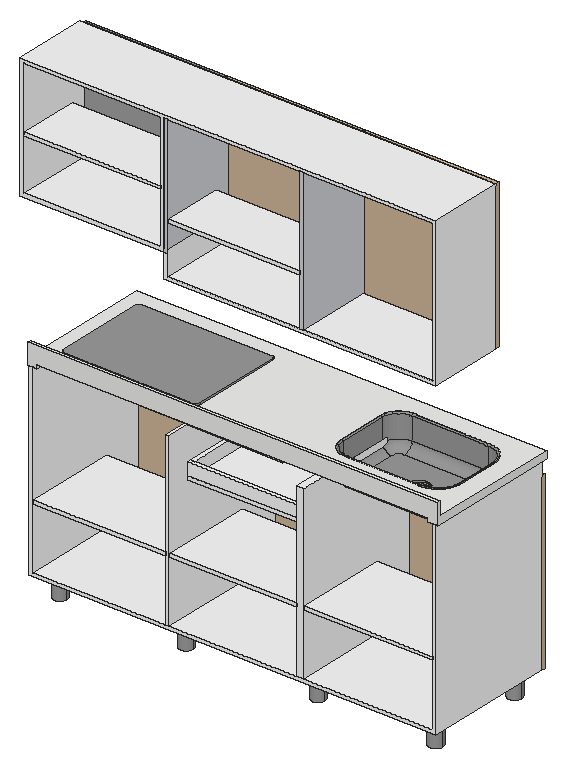
Revit family "O22401711 Cocina Soho derecha", category Generic Models, host Wall, Revit 2019
Family settings
  Host = Wall
  Can host rebar = No
  Round Connector Dimension = Use Diameter
  Part Type = Normal
  OmniClass Number = 23.21.23.23.13
  OmniClass Title = Residential Food Cookers
  Always vertical = Yes
  Cut with Voids When Loaded = No
  Shared = No
  Room Calculation Point = No
Parameters (values of type "Type 1")
  URL = "https://corona.co/productos/muebles-para-cocinas/cocina-soho/p/O22411711"
  Resistencia a la humedad = "Hinchamiento < o =8%."  # constant formula
  Profundidad mueble inferior = 595 mm
  Peso Neto aproximado mueble superior = "41,29 kg."  # constant formula
  Peso Neto aproximado mueble inferior = "63 kg."  # constant formula
  Material puertas B = Corona_Madera_Aglomerada_Plomo
  Material puertas A = Corona_Madera_Aglomerada_Miel
  Material mueble superior = Corona_Madera_Blanco
  Material mueble inferior = Corona_Madera_Blanco
  Material meson = Corona_Cuarzo_Natural
  Material Patas = Corona_Acero inoxidable
  Garantía de madera = "1 año"  # constant formula
  Garantía de Herrajes = "1 año"  # constant formula
  Garantia Mesón = "10 años"  # constant formula
  Dimensiones generales mueble rior (H*W*L). = "650 x 345 x 1800 mm."  # constant formula
  Dimensiones generales del mueble inferior (H*W*L) = "920x 1800x 600mm."  # constant formula
  Description = "Esta cocina de diseño contemporáneo está disponible en color miel, contrastado con detalles en gris plomo. Sus puertas lisas (sin manijas expuestas) aportan limpieza y continuidad al diseño, haciendo que la cocina sea más amigable con el usuario. Esta cocina entrega una solución completa al incluir en su mueble inferior un mesón en CoronaStone® con lavaplatos y cubierta con 4 fogones integrados, además de accesorios como vajillero y cubertero para hacer más cómodo el almacenamiento.En todo el mueble, los cantos o recubrimiento de bordes, cuentan con mayor espesor y rigidez al estándar del mercado, brindando un acabado estético superior y mayor protección a posibles filtraciones de humedad.Disfruta de su máximo almacenamiento y comodidad de uso, y de nuestros muebles altamente resistentes. ¡Una solución integral de fácil instalación!"  # constant formula
  Date Created = "17/07/2020"  # constant formula
  Created by = "IDD"  # constant formula
  Carga máxima mueble inferior = "73 kg."  # constant formula
  Carga máxima Mueble Superior = "42 kg."  # constant formula
  Carga máxima Campana = "25 kg."  # constant formula
  Ancho mueble inferior = 1760 mm
  Alto = 2119.5 mm
Reference planes
  plane 1 "Wall": y = 0
  plane 2 "Center (Left/Right)": x = 125
  plane 3 "Back": y = 75
  plane 4: y = 670
  plane 5: x = -779.5
  plane 6: x = 1010.5
  plane 7: y = 655
  plane 8: x = 419.5
  plane 9: x = -186.5
  plane 10: z = 94
  plane 11: z = 919.5
  plane 12: z = 109
  plane 13: z = 904.5
  plane 14: z = 1469.5
  plane 15: z = 1589.5
  plane 16: z = 2119.5
  plane 17: z = 904.5
  plane 18: y = 420
  plane 19: y = 405
  plane 20: x = -804.5
  plane 21: x = 995.5
  plane 22: x = 134.5
  plane 23: x = 129
  plane 24: x = 1010.5
  plane 25: x = 995.5
  plane 26: x = -764.5
  plane 27: x = -201.5
  plane 28: z = 1484.5
  plane 29: z = 2104.5
  plane 30: z = 1575
  plane 31: x = -819.5
  plane 32: x = -201.5
  plane 33: x = 426
  plane 34: x = 123
  plane 35: x = -164.81
  plane 36: x = 396
  plane 37: x = -195
  plane 38: z = 382
  plane 39: z = 397
  plane 40: y = 475
  plane 41: z = 784.5
  plane 42: z = 949.5
  plane 43: z = 859
Forms (mm)
  Extrusion 1, solid, material "Corona_Madera_Blanco" <- "Material mueble superior", detail levels medium+fine
    sketch origin (0, 0, 0) x (1, 0, 0) y (0, 1, 0)
      loop
        line (1010.5, 405) -> (419.5, 405) -> (419.5, 75) -> (1010.5, 75) -> (1010.5, 405)
    from 1469.5 to 2119.5
  Extrusion 2, solid, material "Corona_Madera_Blanco" <- "Material mueble superior", detail levels medium+fine
    sketch origin (0, 0, 0) x (1, 0, 0) y (0, 1, 0)
      loop
        line (419.5, 405) -> (-186.5, 405) -> (-186.5, 75) -> (419.5, 75) -> (419.5, 405)
    from 1469.5 to 2119.5
  Extrusion 3, solid, material "Corona_Madera_Blanco" <- "Material mueble superior", detail levels medium+fine
    sketch origin (0, 0, 0) x (1, 0, 0) y (0, 1, 0)
      loop
        line (-201.5, 405) -> (-819.5, 405) -> (-819.5, 75) -> (-201.5, 75) -> (-201.5, 405)
    from 1575 to 2119.5
  Extrusion 4, void, detail levels medium+fine
    sketch origin (0, 0, 0) x (1, 0, 0) y (0, 0, 1)
      loop
        line (-804.5, 2104.5) -> (-804.5, 1589.5) -> (-171.5, 1589.5) -> (-171.5, 1484.5) -> (995.5, 1484.5) -> (995.5, 2104.5) -> (-804.5, 2104.5)
    from -420 to -75
  Extrusion 5, solid, material "Corona_Madera_Blanco" <- "Material mueble inferior", detail levels medium+fine
    sketch origin (0, 0, 0) x (1, 0, 0) y (0, 1, 0)
      loop
        line (1010.5, 75) -> (1010.5, 655) -> (-779.5, 655) -> (-779.5, 75) -> (1010.5, 75)
    from 94 to 919.5
  Extrusion 6, void, detail levels medium+fine
    sketch origin (0, 0, 0) x (1, 0, 0) y (0, 0, 1)
      loop
        line (995.5, 919.5) -> (-764.5, 919.5) -> (-764.5, 109) -> (995.5, 109) -> (995.5, 919.5)
    from -655 to -75
  Extrusion 7, solid, material "Corona_Madera_Aglomerada_Miel" <- "Material puertas A", detail levels medium+fine
    sketch origin (0, 0, 0) x (1, 0, 0) y (0, 0, 1)
      loop
        line (1010.5, 2119.5) -> (419.5, 2119.5) -> (419.5, 1469.5) -> (1010.5, 1469.5) -> (1010.5, 2119.5)
    from -420 to -405
  Extrusion 8, solid, material "Corona_Madera_Aglomerada_Miel" <- "Material puertas A", detail levels medium+fine
    sketch origin (-535.2, 0, -15.2) x (1, 0, 0) y (0, 0, 1)
      loop
        line (954.7, 2134.7) -> (348.7, 2134.7) -> (348.7, 1484.7) -> (954.7, 1484.7) -> (954.7, 2134.7)
    from -420 to -405
  Extrusion 9, solid, material "Corona_Madera_Aglomerada_Plomo" <- "Material puertas B", detail levels medium+fine
    sketch origin (-890.4, 0, -30.4) x (1, 0, 0) y (0, 0, 1)
      loop
        line (703.9, 2149.9) -> (85.9, 2149.9) -> (85.9, 1605.4) -> (703.9, 1605.4) -> (703.9, 2149.9)
    from -420 to -405
  Extrusion 10, solid, material "Corona_Madera_Aglomerada_Miel" <- "Material puertas A", detail levels medium+fine
    sketch origin (-15, 0, 0) x (1, 0, 0) y (0, 0, 1)
      loop
        line (1025.5, 94) -> (1025.5, 859) -> (425.801, 859) -> (425.801, 94) -> (1025.5, 94)
    from -670 to -655
  Extrusion 11, solid, material "Corona_Madera_Aglomerada_Miel" <- "Material puertas A", detail levels medium+fine
    sketch origin (15.095, 0, 0) x (1, 0, 0) y (0, 0, 1)
      loop
        line (-794.595, 94) -> (-195, 94) -> (-195, 859) -> (-794.595, 859) -> (-794.595, 94)
    from -670 to -655
  Extrusion 12, solid, material "Corona_Madera_Aglomerada_Miel" <- "Material puertas A", detail levels medium+fine
    sketch origin (0, 0, 0) x (1, 0, 0) y (0, 0, 1)
      loop
        line (396, 94) -> (396, 575.75) -> (-164.81, 575.75) -> (-164.81, 94) -> (396, 94)
    from -670 to -655
  Extrusion 13, solid, material "Corona_Madera_Blanco" <- "Material mueble inferior", detail levels medium+fine
    sketch origin (0, 0, 0) x (1, 0, 0) y (0, 0, 1)
      loop
        line (995.5, 397) -> (426, 397) -> (426, 382) -> (995.5, 382) -> (995.5, 397)
    from -475 to -75
  Extrusion 14, solid, material "Corona_Madera_Aglomerada_Miel" <- "Material puertas A", detail levels medium+fine
    sketch origin (14.597, 0, 208.75) x (1, 0, 0) y (0, 0, 1)
      loop
        line (381.403, 378.499) -> (381.403, 650.25) -> (-179.407, 650.25) -> (-179.407, 378.499) -> (381.403, 378.499)
    from -670 to -655
  Extrusion 15, solid, material "Corona_Madera_Blanco" <- "Material mueble inferior", detail levels medium+fine
    sketch origin (-15.2, 0, 264.8) x (1, 0, 0) y (0, 0, 1)
      loop
        line (403.7, 397) -> (-142.3, 397) -> (-142.3, 382) -> (403.7, 382) -> (403.7, 397)
    from -655 to -171.895
  Extrusion 16, solid, material "Corona_Madera_Blanco" <- "Material mueble inferior", detail levels medium+fine
    sketch origin (-20.4, 0, 289.6) x (1, 0, 0) y (0, 0, 1)
      loop
        line (408.9, 372.2) -> (408.9, 427.2) -> (-137.1, 427.2) -> (-137.1, 372.2) -> (408.9, 372.2)
    from -186.9 to -171.895
  Extrusion 17, solid, material "Corona_Madera_Blanco" <- "Material mueble inferior", detail levels medium+fine
    sketch origin (-10.859, 0, 279.8) x (1, 0, 0) y (0, 0, 1)
      loop
        line (-131.641, 437) -> (-146.641, 437) -> (-146.641, 382) -> (-131.641, 382) -> (-131.641, 437)
    from -655 to -186.9
  Extrusion 18, solid, material "Corona_Madera_Blanco" <- "Material mueble superior", detail levels medium+fine
    sketch origin (125, 0, 0) x (0, 1, 0) y (0, 0, 1)
      loop
        line (75, 1832.5) -> (75, 1817.5) -> (340, 1817.5) -> (340, 1832.5) -> (75, 1832.5)
    from -926.5 to -326.5
  Extrusion 19, solid, material "Corona_Madera_Blanco" <- "Material mueble superior", detail levels medium+fine
    sketch origin (700, 0, -121.5) x (0, 1, 0) y (0, 0, 1)
      loop
        line (75, 1832.5) -> (75, 1817.5) -> (340, 1817.5) -> (340, 1832.5) -> (75, 1832.5)
    from -871.5 to -288
  Extrusion 20, solid, material "Corona_Madera_Aglomerada_Plomo" <- "Material puertas B", detail levels medium+fine
    sketch origin (0, 0, 95.2) x (1, 0, 0) y (0, 0, 1)
      loop
        line (-764.5, 763.8) -> (995.5, 763.8) -> (995.5, 824.3) -> (-764.5, 824.3) -> (-764.5, 763.8)
    from -650 to -640
  Extrusion 21, solid, material "Corona_Madera_Blanco" <- "Material mueble inferior", detail levels coarse
    sketch origin (0, 0, 0) x (1, 0, 0) y (0, 0, 1)
      loop
        line (-779.5, 94) -> (1010.5, 94) -> (1010.5, 919.5) -> (-779.5, 919.5) -> (-779.5, 94)
    from -670 to -75
  Extrusion 22, solid, material "Corona_Madera_Blanco" <- "Material mueble superior", detail levels coarse
    sketch origin (0, 0, 0) x (1, 0, 0) y (0, 0, 1)
      loop
        line (1010.5, 2119.5) -> (-819.5, 2119.5) -> (-819.5, 1575) -> (-186.5, 1575) -> (-186.5, 1469.5) -> (1010.5, 1469.5) -> (1010.5, 2119.5)
    from -420 to -75
  Extrusion 23, solid, material "Corona_Acero inoxidable" <- "Material Patas"
    sketch origin (0, 0, 0) x (1, 0, 0) y (0, 1, 0)
      loop
        circle (-706.801, 586.444) r 30
      loop
        circle (-150.361, 586.444) r 30
      loop
        circle (429.449, 586.444) r 30
      loop
        circle (946.324, 586.444) r 30
      loop
        circle (-706.801, 153.556) r 30
      loop
        circle (-150.361, 153.556) r 30
      loop
        circle (429.449, 153.556) r 30
      loop
        circle (946.324, 153.556) r 30
    from 0 to 94
  Extrusion 24, solid
    sketch origin (0, 0, 0) x (1, 0, 0) y (0, 0, 1)
      loop
        line (-171.5, 1575) -> (-171.5, 2104.5) -> (-186.5, 2104.5) -> (-186.5, 1575) -> (-171.5, 1575)
    from -405 to -75
  Extrusion 25, solid, material "Corona_Madera_Blanco" <- "Material mueble inferior", detail levels medium+fine
    sketch origin (520.141, 0, 279.8) x (1, 0, 0) y (0, 0, 1)
      loop
        line (-131.641, 437) -> (-146.641, 437) -> (-146.641, 382) -> (-131.641, 382) -> (-131.641, 437)
    from -655 to -186.9
  Extrusion 26, solid, material "Corona_Madera_Blanco" <- "Material mueble inferior", detail levels medium+fine
    sketch origin (0, 0, 0) x (1, 0, 0) y (0, 1, 0)
      loop
        line (-179.905, 655) -> (-179.905, 75) -> (-164.81, 75) -> (-164.81, 655) -> (-179.905, 655)
      loop
        line (426, 655) -> (396, 655) -> (396, 75) -> (426, 75) -> (426, 655)
    from 109 to 859
  Extrusion 27, solid, material "Corona_Madera_Aglomerada_Plomo" <- "Material puertas B", detail levels medium+fine
    sketch origin (0, 0, -163.35) x (1, 0, 0) y (0, 0, 1)
      loop
        line (-764.5, 689.3) -> (995.5, 689.3) -> (995.5, 809.8) -> (-764.5, 809.8) -> (-764.5, 689.3)
    from -650 to -640
  Extrusion 28, solid
    sketch origin (0, 0, 0) x (1, 0, 0) y (0, 0, 1)
      loop
        line (412, 1484.5) -> (427, 1484.5) -> (427, 2104.5) -> (412, 2104.5) -> (412, 1484.5)
    from -405 to -75
  Extrusion 29, solid, material "Corona_Madera_Blanco" <- "Material mueble superior", detail levels medium+fine
    sketch origin (-396, 0, 0) x (-1, 0, 0) y (0, 0, -1)
      loop
        line (-194.5, -1575) -> (-209.5, -1575) -> (-209.5, -2119.5) -> (-194.5, -2119.5) -> (-194.5, -1575)
    from -405 to -75
  Extrusion 30, solid, material "Corona_Madera_Blanco" <- "Material mueble inferior", detail levels medium+fine
    sketch origin (-599.5, 0, 0) x (1, 0, 0) y (0, 0, 1)
      loop
        line (995.5, 397) -> (434.69, 397) -> (434.69, 382) -> (995.5, 382) -> (995.5, 397)
    from -475 to -75
  Extrusion 31, solid, material "Corona_Madera_Blanco" <- "Material mueble inferior", detail levels medium+fine
    sketch origin (-1190.5, 0, 0) x (1, 0, 0) y (0, 0, 1)
      loop
        line (1010.595, 397) -> (426, 397) -> (426, 382) -> (1010.595, 382) -> (1010.595, 397)
    from -475 to -75
Cuts and joins
  Extrusion 4 cuts Extrusion 1
  Extrusion 4 cuts Extrusion 2
  Extrusion 4 cuts Extrusion 3
  joined: Extrusion 1, Extrusion 2, Extrusion 3, Extrusion 29
  Extrusion 6 cuts Extrusion 5
Text (mm)
  text "Placement Side" at (-1805.532, 2405.08, 0), in view "Ref. Level"
  text "Placement side" at (0, 1409.804, 2854.306), in view "Left"
  text "Placement side" at (0, 499.811, 2980.732), in view "Right"
Dimensions and locks
  locked: plane 3 "Back" to host wall
  "Profundidad mueble inferior": plane 3 "Back" to plane 4
  plane 7 to plane 3 "Back" = 580 mm  (x2)
  plane 20 to plane 9 = 618 mm
  plane 8 to plane 21 = 576 mm
  plane 9 to plane 23 = 315.5 mm
  plane 22 to plane 8 = 285 mm
  level to plane 10 = 94 mm
  level to plane 11 = 919.5 mm
  plane 42 to plane 14 = 520 mm
  plane 14 to plane 15 = 120 mm
  plane 14 to plane 16 = 650 mm
  plane 12 to plane 17 = 795.5 mm
  plane 3 "Back" to plane 18 = 345 mm
  plane 19 to plane 3 "Back" = 330 mm
  plane 26 to plane 21 = 1760 mm
  plane 20 to plane 5 = 25 mm
  plane 21 to plane 6 = 15 mm  (x2)
  plane 25 to plane 24 = 15 mm
  plane 26 to plane 27 = 563 mm
  plane 29 to plane 16 = 15 mm
  plane 14 to plane 28 = 15 mm
  plane 30 to plane 15 = 14.5 mm
  plane 18 to host wall = 345 mm
  plane 19 to host wall = 330 mm
  plane 4 to plane 3 "Back" = 595 mm
  plane 24 to plane 8 = 591 mm
  plane 8 to plane 9 = 606 mm
  plane 20 to plane 31 = 15 mm
  plane 27 to plane 20 = 603 mm
  plane 12 to plane 38 = 273 mm
  plane 38 to plane 39 = 15 mm
  plane 40 to cut or joined group of Extrusion 5, Extrusion 6 = 400 mm
  plane 39 to plane 41 = 387.5 mm
  Extrusion 21 sketch curve to Extrusion 21 sketch curve = 825.5 mm
  plane 6 to plane 33 = 584.5 mm
  plane 36 to plane 35 = 560.81 mm
  plane 5 to plane 26 = 15 mm
  plane 13 to plane 12 = 795.5 mm
  plane 10 to plane 43 = 765 mm
  "Alto": level to plane 16
  aligned and locked: plane 1 "Wall" to host wall
  aligned and locked: plane 24 to Extrusion 1 sketch curve
  aligned and locked: Extrusion 1 sketch curve to host wall
  aligned and locked: Extrusion 1 sketch curve to plane 8
  aligned and locked: plane 16 to Extrusion 1
  aligned and locked: Extrusion 1 to plane 14
  aligned and locked: plane 8 to Extrusion 2 sketch curve
  aligned and locked: Extrusion 2 sketch curve to host wall
  aligned and locked: plane 27 to Extrusion 3 sketch curve
  aligned and locked: Extrusion 3 sketch curve to host wall
  aligned and locked: plane 16 to Extrusion 3
  aligned and locked: Extrusion 4 sketch curve to plane 29
  aligned and locked: plane 20 to Extrusion 4 sketch curve
  aligned and locked: plane 19 to Extrusion 3
  aligned and locked: plane 19 to Extrusion 1
  aligned and locked: Extrusion 3 to plane 31
  aligned and locked: host wall to Extrusion 5 sketch curve
  aligned and locked: Extrusion 5 sketch curve to plane 6
  aligned and locked: Extrusion 5 to plane 10
  aligned and locked: plane 21 to Extrusion 6 sketch curve
  aligned and locked: Extrusion 6 sketch curve to plane 12
  aligned and locked: Extrusion 6 sketch curve to plane 26
  aligned and locked: plane 7 to Extrusion 5
  aligned and locked: Extrusion 7 sketch curve to plane 14
  aligned and locked: plane 16 to Extrusion 7 sketch curve
  aligned and locked: plane 16 to Extrusion 8
  aligned and locked: Extrusion 8 to plane 14
  aligned and locked: plane 16 to Extrusion 9
  aligned and locked: Extrusion 10 sketch curve to plane 10
  aligned and locked: cut or joined group of Extrusion 5, Extrusion 6 to Extrusion 11 sketch curve
  aligned and locked: plane 4 to Extrusion 12
  aligned and locked: Extrusion 12 to plane 7
  aligned and locked: Extrusion 12 to plane 10
  aligned and locked: plane 39 to Extrusion 13 sketch curve
  aligned and locked: plane 21 to Extrusion 13 sketch curve
  aligned and locked: Extrusion 13 sketch curve to plane 38
  aligned and locked: Extrusion 14 to Extrusion 10
  aligned and locked: plane 21 to Extrusion 20
  aligned and locked: Extrusion 20 to Extrusion 10
  aligned and locked: Extrusion 20 to plane 26
  aligned and locked: Extrusion 21 sketch curve to plane 10
  aligned and locked: plane 6 to Extrusion 21 sketch curve
  aligned and locked: Extrusion 22 sketch curve to cut or joined group of Extrusion 1, Extrusion 2, Extrusion 3, Extrusion 4, Extrusion 29  (x2)
  aligned and locked: Extrusion 23 to cut or joined group of Extrusion 5, Extrusion 6
  aligned and locked: Extrusion 23 to level
  aligned and locked: Extrusion 2 to plane 9
  aligned and locked: Extrusion 24 sketch curve to cut or joined group of Extrusion 1, Extrusion 2, Extrusion 3, Extrusion 4, Extrusion 29
  aligned and locked: cut or joined group of Extrusion 1, Extrusion 2, Extrusion 3, Extrusion 4, Extrusion 29 to Extrusion 24
  aligned and locked: Extrusion 24 to host wall
  aligned and locked: plane 8 to Extrusion 8
  aligned and locked: Extrusion 12 to plane 35
  aligned and locked: plane 36 to Extrusion 12
  aligned and locked: plane 36 to Extrusion 14
  aligned and locked: Extrusion 14 to plane 35
  aligned and locked: Extrusion 26 sketch curve to Extrusion 10
  aligned and locked: Extrusion 26 sketch curve to plane 36
  aligned and locked: Extrusion 10 to cut or joined group of Extrusion 5, Extrusion 6
  aligned and locked: cut or joined group of Extrusion 5, Extrusion 6 to Extrusion 11
  aligned and locked: cut or joined group of Extrusion 1, Extrusion 2, Extrusion 3, Extrusion 4, Extrusion 29 to Extrusion 28
  aligned and locked: Extrusion 28 to host wall
  aligned and locked: host wall to Extrusion 26 sketch curve
  aligned and locked: Extrusion 26 sketch curve to host wall
  aligned and locked: plane 11 to Extrusion 21
  aligned and locked: plane 11 to Extrusion 6
  aligned and locked: Extrusion 5 to Extrusion 6
  aligned and locked: Extrusion 31 to plane 26
  aligned and locked: Extrusion 11 to Extrusion 31
  aligned and locked: Extrusion 30 to plane 35
  aligned and locked: plane 36 to Extrusion 30
  aligned and locked: Extrusion 13 to plane 33
Automatic sketch dimensions
  Extrusion 1 sketch curve to plane 19 = 0 mm
  Extrusion 2 sketch curve to plane 9 = 0 mm
  Extrusion 2 sketch curve to plane 19 = 0 mm
  Extrusion 3 sketch curve to plane 19 = 0 mm
  Extrusion 3 sketch curve to plane 31 = 0 mm
  Extrusion 4 sketch curve to plane 28 = 0 mm
  Extrusion 4 sketch curve to plane 15 = 0 mm
  Extrusion 4 sketch curve to plane 21 = 0 mm
  Extrusion 4 sketch curve to plane 35 = 6.69 mm
  Extrusion 5 sketch curve to plane 5 = 0 mm
  Extrusion 5 sketch curve to plane 7 = 0 mm
  Extrusion 6 sketch curve to plane 11 = 0 mm
  Extrusion 7 sketch curve to plane 8 = 0 mm
  Extrusion 7 sketch curve to plane 6 = 0 mm
  Extrusion 8 sketch curve to plane 9 = 0 mm
  Extrusion 8 sketch curve to plane 8 = 0 mm
  Extrusion 8 sketch curve to plane 14 = 0 mm
  Extrusion 8 sketch curve to plane 16 = 0 mm
  Extrusion 9 sketch curve to plane 16 = 0 mm
  Extrusion 9 sketch curve to plane 20 = 0 mm
  Extrusion 9 sketch curve to plane 9 = 0 mm
  Extrusion 9 sketch curve to plane 30 = 0 mm
  Extrusion 10 sketch curve to plane 43 = 0 mm
  Extrusion 10 sketch curve to plane 6 = 0 mm
  Extrusion 10 sketch curve to plane 8 = 8.699 mm
  Extrusion 11 sketch curve to plane 5 = 0 mm
  Extrusion 11 sketch curve to plane 43 = 0 mm
  plane 9 to Extrusion 11 sketch curve = 6.595 mm
  Extrusion 12 sketch curve to plane 10 = 0 mm
  Extrusion 12 sketch curve to plane 35 = 0 mm
  Extrusion 12 sketch curve to plane 36 = 0 mm
  plane 39 to Extrusion 12 sketch curve = 178.75 mm
  Extrusion 13 sketch curve to plane 33 = 0 mm
  Extrusion 14 sketch curve to plane 35 = 0 mm
  Extrusion 14 sketch curve to plane 36 = 0 mm
  Extrusion 14 sketch curve to plane 43 = 0 mm
  plane 39 to Extrusion 14 sketch curve = 190.249 mm
  plane 35 to Extrusion 15 sketch curve = 7.31 mm
  Extrusion 15 sketch curve to plane 36 = 7.5 mm
  Extrusion 15 sketch curve to plane 41 = 137.7 mm
  Extrusion 15 sketch curve to Extrusion 15 sketch curve = 15 mm
  plane 35 to Extrusion 16 sketch curve = 7.31 mm
  Extrusion 16 sketch curve to plane 36 = 7.5 mm
  Extrusion 16 sketch curve to plane 41 = 122.7 mm
  Extrusion 16 sketch curve to Extrusion 16 sketch curve = 55 mm
  plane 35 to Extrusion 17 sketch curve = 7.31 mm
  Extrusion 17 sketch curve to Extrusion 17 sketch curve = 15 mm
  Extrusion 17 sketch curve to plane 41 = 122.7 mm
  Extrusion 17 sketch curve to Extrusion 17 sketch curve = 55 mm
  Extrusion 18 sketch curve to host wall = 0 mm
  Extrusion 18 sketch curve to plane 19 = 65 mm
  plane 15 to Extrusion 18 sketch curve = 228 mm
  Extrusion 18 sketch curve to Extrusion 18 sketch curve = 15 mm
  Extrusion 19 sketch curve to host wall = 0 mm
  Extrusion 19 sketch curve to plane 19 = 65 mm
  plane 15 to Extrusion 19 sketch curve = 106.5 mm
  Extrusion 19 sketch curve to Extrusion 19 sketch curve = 15 mm
  Extrusion 20 sketch curve to plane 11 = 0 mm
  Extrusion 20 sketch curve to plane 26 = 0 mm
  Extrusion 20 sketch curve to plane 21 = 0 mm
  Extrusion 20 sketch curve to plane 43 = 0 mm
  Extrusion 21 sketch curve to plane 5 = 0 mm
  Extrusion 22 sketch curve to plane 31 = 0 mm
  Extrusion 22 sketch curve to plane 9 = 0 mm
  Extrusion 22 sketch curve to plane 14 = 0 mm
  Extrusion 22 sketch curve to plane 30 = 0 mm
  plane 26 to Extrusion 23 sketch curve = 57.699 mm  (x2)
  plane 35 to Extrusion 23 sketch curve = 14.449 mm  (x2)
  plane 33 to Extrusion 23 sketch curve = 3.449 mm  (x2)
  Extrusion 23 sketch curve to plane 21 = 49.176 mm  (x2)
  host wall to Extrusion 23 sketch curve = 78.556 mm  (x4)
  Extrusion 23 sketch curve to plane 7 = 68.556 mm  (x4)
  Extrusion 24 sketch curve to plane 29 = 0 mm
  Extrusion 24 sketch curve to plane 30 = 0 mm
  Extrusion 24 sketch curve to plane 35 = 6.69 mm
  Extrusion 25 sketch curve to plane 36 = 7.5 mm
  Extrusion 25 sketch curve to plane 36 = 22.5 mm
  Extrusion 25 sketch curve to plane 41 = 122.7 mm
  Extrusion 25 sketch curve to Extrusion 25 sketch curve = 55 mm
  plane 37 to Extrusion 26 sketch curve = 15.095 mm
  Extrusion 26 sketch curve to plane 35 = 0 mm
  Extrusion 26 sketch curve to plane 7 = 0 mm
  Extrusion 27 sketch curve to plane 26 = 0 mm
  Extrusion 27 sketch curve to plane 21 = 0 mm
  plane 39 to Extrusion 27 sketch curve = 128.95 mm
  Extrusion 27 sketch curve to Extrusion 27 sketch curve = 120.5 mm
  Extrusion 28 sketch curve to plane 29 = 0 mm
  Extrusion 28 sketch curve to plane 28 = 0 mm
  Extrusion 28 sketch curve to plane 8 = 7.5 mm
  plane 33 to Extrusion 28 sketch curve = 1 mm
  Extrusion 29 sketch curve to plane 9 = 0 mm
  Extrusion 29 sketch curve to plane 16 = 0 mm
  Extrusion 29 sketch curve to plane 27 = 0 mm
  Extrusion 29 sketch curve to plane 30 = 0 mm
  Extrusion 30 sketch curve to plane 39 = 0 mm
  Extrusion 30 sketch curve to plane 38 = 0 mm
  Extrusion 30 sketch curve to plane 36 = 0 mm
  Extrusion 30 sketch curve to plane 35 = 0 mm
  Extrusion 31 sketch curve to plane 26 = 0 mm
  plane 37 to Extrusion 31 sketch curve = 15.095 mm
  Extrusion 31 sketch curve to plane 38 = 0 mm
  Extrusion 31 sketch curve to plane 39 = 0 mm
  Extrusion 26 sketch curve to plane 33 = 0 mm
  radius of Extrusion 23 sketch curve = 30 mm  (x8)
Nested families
  nested 1: "Mesón coronastone" at (115.5, 75, 919.5) x (-1, 0, 0) z (0, 0, 1), type "Mesón coronastone"
  nested 2: "Family4" at (115.5, 75, 0) x (-1, 0, 0) z (0, 0, 1), type "Family4"
  nested 3: "Family6" at (118, 420, 0), type "Family6"
  nested 4: "Family7" at (125, 75, 1469.5) x (0, -1, 0) z (1, 0, 0), type "Family7"
  nested 5: "Family8" at (125, 75, 94) x (0, -1, 0) z (1, 0, 0), type "Family8"
  nested 6: "Family9" at (115.5, 0, 0) x (1, 0, 0) z (0, -1, 0), type "Family9"
  nested 7: "Family10" at (-204.5, 0, 1469.5) x (-1, 0, 0) z (0, -1, 0), type "Family10"
Definition of nested family "Mesón coronastone"
  Parameters (values of type "Mesón coronastone")
    Profundidad = 600 mm
    Material Mesón = none
    Material Lavaplatos = none
    Material Cubierta = none
    Date Created = "15/07/2020"  # constant formula
    Created by = "IDD"  # constant formula
    Ancho = 1800 mm
    Alto = 150 mm
  Reference planes
    plane 1 "Center (Front/Back)": y = 0
    plane 2: z = 0
    plane 3 "Center (Left/Right)": x = 0
    plane 4: x = -900
    plane 5: x = 900
    plane 6: y = -600
    plane 7: z = 30
    plane 8: y = -15
    plane 9: z = 90
    plane 10: y = -102
    plane 11: y = -520
    plane 12: x = 252
    plane 13: x = 820
    plane 14: y = -141
    plane 15: y = -77
    plane 16: z = -120
    plane 17: x = -812
    plane 18: x = -298
    plane 19: x = -555
    plane 20: x = -521.466
    plane 21: y = -328.73
    plane 22: y = -560.2
  Forms (mm)
    Extrusion 1, solid, material <- "Material Mesón", detail levels medium+fine
      sketch origin (0, 0, 0) x (1, 0, 0) y (0, 1, 0)
        loop
          line (-900, 0) -> (-900, -600) -> (900, -600) -> (900, 0) -> (-900, 0)
        loop
          circle (-555, -77) r 17.5
        loop
          arc (804.982, -520) -> (815.601, -515.601) -> (820, -504.982) r 15.018
          line (820, -504.982) -> (820, -117.027)
          arc (820, -117.027) -> (815.599, -106.401) -> (804.973, -102) r 15.027
          line (804.973, -102) -> (267.028, -102)
          arc (267.028, -102) -> (256.402, -106.402) -> (252, -117.028) r 15.028
          line (252, -117.028) -> (252, -504.963)
          arc (252, -504.963) -> (256.404, -515.596) -> (267.037, -520) r 15.037
          line (267.037, -520) -> (804.982, -520)
        loop
          line (-380.172, -141) -> (-713.328, -141)
          arc (-713.328, -141) -> (-783.1, -169.9) -> (-812, -239.672) r 98.672
          line (-812, -239.672) -> (-812, -421.478)
          arc (-812, -421.478) -> (-783.144, -491.144) -> (-713.478, -520) r 98.522
          line (-713.478, -520) -> (-380.167, -520)
          arc (-380.167, -520) -> (-322.066, -495.934) -> (-298, -437.833) r 82.167
          line (-298, -437.833) -> (-298, -223.172)
          arc (-298, -223.172) -> (-322.068, -165.068) -> (-380.172, -141) r 82.172
      from 15 to 30
    Extrusion 2, solid, material <- "Material Mesón", detail levels medium+fine
      sketch origin (0, 0, 0) x (1, 0, 0) y (0, 1, 0)
        loop
          line (-900, 0) -> (-900, -15) -> (900, -15) -> (900, 0) -> (-900, 0)
      from 30 to 90
    Sweep 3, solid, material <- "Material Lavaplatos", detail levels medium+fine
      path origin (-54.284, 0, 0) x (1, 0, 0) y (0, 1, 0)
        loop
          line (-325.888, -141) -> (-659.043, -141)
          arc (-659.043, -141) -> (-728.815, -169.9) -> (-757.716, -239.672) r 98.672
          line (-757.716, -239.672) -> (-757.716, -421.478)
          arc (-757.716, -421.478) -> (-728.859, -491.144) -> (-659.193, -520) r 98.522
          line (-659.193, -520) -> (-325.883, -520)
          arc (-325.883, -520) -> (-267.782, -495.934) -> (-243.716, -437.833) r 82.167
          line (-243.716, -437.833) -> (-243.716, -223.172)
          arc (-243.716, -223.172) -> (-267.783, -165.068) -> (-325.888, -141) r 82.172
      profile origin (-546.75, -141, 0) x (0, -1, 0) y (0, 0, 1)
        loop
          line (5.241, 23.624) -> (5.241, -72.642)
          arc (5.241, -72.642) -> (18.364, -101.497) -> (46.516, -116.067) r 48.459
          line (46.516, -116.067) -> (46.516, -112.628)
          arc (46.516, -112.628) -> (20.712, -99.032) -> (8.641, -72.48) r 45.059
          line (8.641, -72.48) -> (8.641, 24.296)
          arc (8.641, 24.296) -> (5.267, 28.581) -> (0, 30) r 8.662
          line (0, 30) -> (0, 26.591)
          arc (0, 26.591) -> (3.087, 25.931) -> (5.241, 23.624) r 5.262
    Extrusion 4, solid, material <- "Material Lavaplatos", detail levels medium+fine
      sketch origin (-54.284, 0, 0) x (1, 0, 0) y (0, 1, 0)
        loop
          arc (-659.043, -187.516) -> (-695.924, -202.792) -> (-711.2, -239.672) r 52.157
          line (-711.2, -239.672) -> (-711.2, -421.478)
          arc (-711.2, -421.478) -> (-695.968, -458.252) -> (-659.193, -473.484) r 52.007
          line (-659.193, -473.484) -> (-325.883, -473.484)
          arc (-325.883, -473.484) -> (-300.673, -463.042) -> (-290.231, -437.833) r 35.652
          line (-290.231, -437.833) -> (-290.231, -223.172)
          arc (-290.231, -223.172) -> (-300.675, -197.959) -> (-325.888, -187.516) r 35.657
          line (-325.888, -187.516) -> (-659.043, -187.516)
        loop
          circle (-500.716, -328.803) r 44.25
      from -116.067 to -112.628
    Extrusion 5, void, not visible
      sketch origin (0, 0, 0) x (1, 0, 0) y (0, 1, 0)
        loop
          line (-361.173, -137.455) -> (-681.758, -137.455)
          arc (-681.758, -137.455) -> (-751.53, -166.356) -> (-780.43, -236.128) r 98.672
          line (-780.43, -236.128) -> (-780.43, -421.478)
          arc (-780.43, -421.478) -> (-751.574, -491.144) -> (-681.908, -520) r 98.522
          line (-681.908, -520) -> (-361.168, -520)
          arc (-361.168, -520) -> (-303.067, -495.934) -> (-279.001, -437.833) r 82.167
          line (-279.001, -437.833) -> (-279.001, -219.628)
          arc (-279.001, -219.628) -> (-303.069, -161.523) -> (-361.173, -137.455) r 82.172
      from -11.938 to 52.655
    Sweep 6, solid, not visible
      path origin (0, 0, 0) x (1, 0, 0) y (0, 1, 0)
        loop
          line (-361.173, -137.455) -> (-681.758, -137.455)
          arc (-681.758, -137.455) -> (-751.53, -166.356) -> (-780.43, -236.128) r 98.672
          line (-780.43, -236.128) -> (-780.43, -421.478)
          arc (-780.43, -421.478) -> (-751.574, -491.144) -> (-681.908, -520) r 98.522
          line (-681.908, -520) -> (-361.168, -520)
          arc (-361.168, -520) -> (-303.067, -495.934) -> (-279.001, -437.833) r 82.167
          line (-279.001, -437.833) -> (-279.001, -219.628)
          arc (-279.001, -219.628) -> (-303.069, -161.523) -> (-361.173, -137.455) r 82.172
      profile origin (-521.466, -137.455, 0) x (0, -1, 0) y (0, 0, 1)
        loop
          line (5.241, 23.624) -> (5.241, -72.642)
          arc (5.241, -72.642) -> (18.364, -101.497) -> (46.516, -116.067) r 48.459
          line (46.516, -116.067) -> (46.516, -112.628)
          arc (46.516, -112.628) -> (20.712, -99.032) -> (8.641, -72.48) r 45.059
          line (8.641, -72.48) -> (8.641, 24.296)
          arc (8.641, 24.296) -> (5.267, 28.581) -> (0, 30) r 8.662
          line (0, 30) -> (0, 26.591)
          arc (0, 26.591) -> (3.087, 25.931) -> (5.241, 23.624) r 5.262
    Extrusion 7, solid, not visible
      sketch origin (0, 0, 0) x (1, 0, 0) y (0, 1, 0)
        loop
          arc (-681.758, -183.971) -> (-718.638, -199.247) -> (-733.915, -236.128) r 52.157
          line (-733.915, -236.128) -> (-733.915, -421.478)
          arc (-733.915, -421.478) -> (-718.682, -458.252) -> (-681.908, -473.484) r 52.007
          line (-681.908, -473.484) -> (-361.168, -473.484)
          arc (-361.168, -473.484) -> (-335.959, -463.042) -> (-325.516, -437.833) r 35.652
          line (-325.516, -437.833) -> (-325.516, -219.628)
          arc (-325.516, -219.628) -> (-335.96, -194.414) -> (-361.173, -183.971) r 35.657
          line (-361.173, -183.971) -> (-681.758, -183.971)
        loop
          circle (-521.466, -328.803) r 44.25
      from -116.067 to -112.628
    Extrusion 8, solid, material <- "Material Cubierta", detail levels medium+fine
      sketch origin (13.951, -6, 0) x (1, 0, 0) y (0, 1, 0)
        loop
          arc (235.028, -90) -> (224.402, -94.402) -> (220, -105.028) r 15.028
          line (220, -105.028) -> (220, -504.963)
          arc (220, -504.963) -> (224.404, -515.596) -> (235.037, -520) r 15.037
          line (235.037, -520) -> (804.982, -520)
          arc (804.982, -520) -> (815.601, -515.601) -> (820, -504.982) r 15.018
          line (820, -504.982) -> (820, -105.027)
          arc (820, -105.027) -> (815.599, -94.401) -> (804.973, -90) r 15.027
          line (804.973, -90) -> (235.028, -90)
      from 30 to 35
    Sweep 9, solid, material <- "Material Mesón", not visible, detail levels medium+fine
      path origin (-36.811, 0, 0) x (1, 0, 0) y (0, 1, 0)
        loop
          line (-325.888, -141) -> (-659.043, -141)
          arc (-659.043, -141) -> (-728.815, -169.9) -> (-757.716, -239.672) r 98.672
          line (-757.716, -239.672) -> (-757.716, -421.478)
          arc (-757.716, -421.478) -> (-728.859, -491.144) -> (-659.193, -520) r 98.522
          line (-659.193, -520) -> (-325.883, -520)
          arc (-325.883, -520) -> (-267.782, -495.934) -> (-243.716, -437.833) r 82.167
          line (-243.716, -437.833) -> (-243.716, -223.172)
          arc (-243.716, -223.172) -> (-267.783, -165.068) -> (-325.888, -141) r 82.172
      profile origin (-529.277, -141, 0) x (0, -1, 0) y (0, 0, 1)
        loop
          line (5.241, 23.624) -> (5.241, -72.642)
          arc (5.241, -72.642) -> (18.364, -101.497) -> (46.516, -116.067) r 48.459
          line (46.516, -116.067) -> (46.516, -112.628)
          arc (46.516, -112.628) -> (20.712, -99.032) -> (8.641, -72.48) r 45.059
          line (8.641, -72.48) -> (8.641, 24.296)
          arc (8.641, 24.296) -> (5.267, 28.581) -> (0, 30) r 8.662
          line (0, 30) -> (0, 26.591)
          arc (0, 26.591) -> (3.087, 25.931) -> (5.241, 23.624) r 5.262
    Extrusion 10, solid, material <- "Material Mesón", not visible, detail levels medium+fine
      sketch origin (-36.811, 0, 0) x (1, 0, 0) y (0, 1, 0)
        loop
          arc (-659.043, -187.516) -> (-695.924, -202.792) -> (-711.2, -239.672) r 52.157
          line (-711.2, -239.672) -> (-711.2, -421.478)
          arc (-711.2, -421.478) -> (-695.968, -458.252) -> (-659.193, -473.484) r 52.007
          line (-659.193, -473.484) -> (-325.883, -473.484)
          arc (-325.883, -473.484) -> (-300.673, -463.042) -> (-290.231, -437.833) r 35.652
          line (-290.231, -437.833) -> (-290.231, -223.172)
          arc (-290.231, -223.172) -> (-300.675, -197.959) -> (-325.888, -187.516) r 35.657
          line (-325.888, -187.516) -> (-659.043, -187.516)
        loop
          circle (-500.716, -328.803) r 44.25
      from -116.067 to -112.628
    Extrusion 11, solid, material <- "Material Mesón", detail levels medium+fine
      sketch origin (0, 0, 0) x (1, 0, 0) y (0, 0, 1)
        loop
          line (-900, 15) -> (-900, 0) -> (-860, 0) -> (-860, 15) -> (-900, 15)
      from 0 to 600
    Extrusion 12, solid, material <- "Material Mesón", detail levels medium+fine
      sketch origin (1760, 0, 0) x (1, 0, 0) y (0, 0, 1)
        loop
          line (-900, 15) -> (-900, 0) -> (-860, 0) -> (-860, 15) -> (-900, 15)
      from 0 to 600
    Extrusion 13, solid, material <- "Material Mesón", detail levels medium+fine
      sketch origin (0, 0, 0) x (1, 0, 0) y (0, 0, 1)
        loop
          line (-860, 0) -> (860, 0) -> (860, 15) -> (-860, 15) -> (-860, 0)
      from 560.2 to 600
    Extrusion 14, solid, material <- "Material Mesón", detail levels medium+fine
      sketch origin (0, 0, 0) x (1, 0, 0) y (0, 1, 0)
        loop
          line (-210, -560.2) -> (210, -560.2) -> (210, -545.2) -> (-210, -545.2) -> (-210, -560.2)
        loop
          line (-210, -295.2) -> (210, -295.2) -> (210, -280.2) -> (-210, -280.2) -> (-210, -295.2)
        loop
          line (-210, -30.2) -> (210, -30.2) -> (210, -15.2) -> (-210, -15.2) -> (-210, -30.2)
      from 0 to 15
    Extrusion 15, solid, material <- "Material Mesón", detail levels coarse
      sketch origin (0, 0, 0) x (1, 0, 0) y (0, 0, 1)
        loop
          line (-900, 30) -> (-900, 0) -> (900, 0) -> (900, 30) -> (-900, 30)
      from 0 to 600
  Cuts and joins
    joined: Sweep 3, Extrusion 4
    joined: Extrusion 1, Extrusion 2, Extrusion 11, Extrusion 12, Extrusion 13
  Dimensions and locks
    equal spacing: plane 4, plane 3 "Center (Left/Right)", plane 5
    "Ancho": plane 4 to plane 5
    "Profundidad": plane 6 to plane 1 "Center (Front/Back)"
    level to plane 7 = 30 mm
    plane 2 to plane 9 = 90 mm
    plane 13 to plane 5 = 80 mm
    plane 11 to plane 6 = 80 mm  (x2)
    plane 10 to plane 11 = 418 mm
    plane 12 to plane 13 = 568 mm
    plane 14 to plane 11 = 379 mm
    plane 15 to plane 14 = 64 mm
    "Alto": plane 7 to plane 16
    plane 4 to plane 17 = 88 mm
    plane 17 to plane 18 = 514 mm
    plane 1 "Center (Front/Back)" to plane 10 = 102 mm
    plane 1 "Center (Front/Back)" to plane 6 = 600 mm
    plane 18 to plane 12 = 550 mm
    plane 8 to plane 14 = 126 mm
    plane 17 to plane 19 = 257 mm
    plane 7 to plane 16 = 150 mm
    plane 7 to level = 30 mm
    plane 9 to plane 7 = 60 mm
    plane 22 to plane 6 = 39.8 mm
    aligned and locked: level to plane 2
    aligned and locked: plane 1 "Center (Front/Back)" to Extrusion 1 sketch curve
    aligned and locked: plane 6 to Extrusion 1 sketch curve
    aligned and locked: Extrusion 1 sketch curve to plane 5
    aligned and locked: plane 4 to Extrusion 1 sketch curve
    aligned and locked: plane 7 to Extrusion 1
    aligned and locked: Extrusion 2 sketch curve to Extrusion 1
    aligned and locked: plane 4 to Extrusion 2 sketch curve
    aligned and locked: Extrusion 2 sketch curve to plane 8
    aligned and locked: Extrusion 2 sketch curve to plane 5
    aligned and locked: plane 9 to Extrusion 2
    aligned and locked: Extrusion 1 sketch curve to plane 13
    aligned and locked: Extrusion 1 sketch curve to plane 10
    aligned and locked: plane 11 to Extrusion 1 sketch curve
    aligned and locked: plane 12 to Extrusion 1 sketch curve
    aligned and locked: Extrusion 8 to plane 7
    aligned and locked: level to Extrusion 11 sketch curve
    aligned and locked: Extrusion 2 to Extrusion 1
    aligned and locked: Extrusion 1 to Extrusion 11
    aligned and locked: Extrusion 13 to plane 6
    aligned and locked: plane 22 to Extrusion 13
    aligned and locked: Extrusion 15 sketch curve to nested 2  (x4)
    aligned and locked: Extrusion 15 to cut or joined group of Extrusion 1, Extrusion 2, Extrusion 11, Extrusion 12, Extrusion 13
  Automatic sketch dimensions
    Sweep 6 sketch curve to Sweep 6 sketch curve = 82.167 mm
    Sweep 6 sketch curve to Sweep 6 sketch curve = 0 mm  (x6)
    Sweep 6 sketch curve to profile plane = 0 mm
    Sweep 6 sketch curve to profile plane = 0.495 mm
    Sweep 6 sketch curve to profile plane = 5.241 mm
    Sweep 6 sketch curve to Sweep 6 sketch curve = 3.4 mm
    Sweep 6 sketch curve to profile plane = 46.516 mm
    Sweep 6 sketch curve to Sweep 6 sketch curve = 44.847 mm
    Sweep 6 sketch curve to Sweep 6 sketch curve = 3.438 mm
    Sweep 6 sketch curve to Sweep 6 sketch curve = 39.986 mm
    Sweep 6 sketch curve to Sweep 6 sketch curve = 2.272 mm
    Sweep 6 sketch curve to Sweep 6 sketch curve = 0.672 mm
    Extrusion 5 sketch curve to Extrusion 5 sketch curve = 320.585 mm
    Sweep 6 sketch curve to Sweep 6 sketch curve = 320.585 mm
    Sweep 6 sketch curve to Sweep 6 sketch curve = 0.005 mm
    Extrusion 5 sketch curve to Extrusion 5 sketch curve = 98.522 mm
    Extrusion 5 sketch curve to Extrusion 5 sketch curve = 98.672 mm
    Extrusion 5 sketch curve to Extrusion 5 sketch curve = 0.005 mm
    Extrusion 5 sketch curve to Extrusion 5 sketch curve = 82.167 mm
    Extrusion 5 sketch curve to Extrusion 5 sketch curve = 185.35 mm
    Sweep 6 sketch curve to Sweep 6 sketch curve = 98.522 mm
    Sweep 6 sketch curve to Sweep 6 sketch curve = 98.672 mm
    Sweep 6 sketch curve to Sweep 6 sketch curve = 185.35 mm
    Sweep 6 sketch curve to profile plane = 116.067 mm
    profile plane to Sweep 6 sketch curve = 21.352 mm
    Extrusion 7 sketch curve to plane 20 = 0 mm
    Extrusion 7 sketch curve to plane 20 = 160.442 mm
    Extrusion 7 sketch curve to Extrusion 7 sketch curve = 52.007 mm
    plane 20 to Extrusion 7 sketch curve = 160.292 mm
    plane 20 to Extrusion 7 sketch curve = 160.297 mm
    Extrusion 7 sketch curve to Extrusion 7 sketch curve = 35.657 mm
    plane 21 to Extrusion 7 sketch curve = 144.754 mm
    plane 21 to Extrusion 7 sketch curve = 0.073 mm
    Extrusion 7 sketch curve to plane 21 = 92.603 mm
    Extrusion 7 sketch curve to Extrusion 7 sketch curve = 52.157 mm
    Sweep 9 sketch curve to Sweep 9 sketch curve = 0 mm  (x4)
    Sweep 9 sketch curve to profile plane = 0 mm
    Sweep 9 sketch curve to profile plane = 0.495 mm
    Sweep 9 sketch curve to profile plane = 5.241 mm
    Sweep 9 sketch curve to Sweep 9 sketch curve = 3.4 mm
    Sweep 9 sketch curve to profile plane = 46.516 mm
    Sweep 9 sketch curve to Sweep 9 sketch curve = 44.847 mm
    Sweep 9 sketch curve to Sweep 9 sketch curve = 3.438 mm
    Sweep 9 sketch curve to Sweep 9 sketch curve = 39.986 mm
    Sweep 9 sketch curve to Sweep 9 sketch curve = 2.272 mm
    Sweep 9 sketch curve to Sweep 9 sketch curve = 0.672 mm
    Sweep 9 sketch curve to profile plane = 116.067 mm
    profile plane to Sweep 9 sketch curve = 21.352 mm
    Extrusion 10 sketch curve to Extrusion 10 sketch curve = 52.007 mm
    Extrusion 10 sketch curve to Extrusion 10 sketch curve = 35.657 mm
    Extrusion 10 sketch curve to Extrusion 10 sketch curve = 52.157 mm
    Extrusion 10 sketch curve to Extrusion 10 sketch curve = 158.328 mm
    Extrusion 10 sketch curve to Extrusion 10 sketch curve = 174.828 mm
    Extrusion 10 sketch curve to Extrusion 10 sketch curve = 35.652 mm
    Extrusion 10 sketch curve to Extrusion 10 sketch curve = 92.675 mm
    Extrusion 10 sketch curve to Extrusion 10 sketch curve = 89.13 mm
    Sweep 9 sketch curve to Sweep 9 sketch curve = 98.522 mm
    Sweep 9 sketch curve to Sweep 9 sketch curve = 98.672 mm
    Sweep 9 sketch curve to Sweep 9 sketch curve = 333.156 mm
    Sweep 9 sketch curve to Sweep 9 sketch curve = 0.005 mm
    Sweep 9 sketch curve to Sweep 9 sketch curve = 82.172 mm
    Sweep 9 sketch curve to Sweep 9 sketch curve = 181.806 mm
    Extrusion 1 sketch curve to plane 17 = 0 mm
    Extrusion 1 sketch curve to plane 11 = 0 mm
    Extrusion 1 sketch curve to plane 14 = 0 mm
    Extrusion 1 sketch curve to plane 15 = 0 mm
    Extrusion 1 sketch curve to plane 19 = 0 mm
    Extrusion 1 sketch curve to plane 18 = 0 mm
    plane 17 to Extrusion 1 sketch curve = 98.522 mm
    Extrusion 1 sketch curve to Extrusion 1 sketch curve = 98.672 mm
    plane 18 to Extrusion 1 sketch curve = 82.172 mm
    plane 18 to Extrusion 1 sketch curve = 82.167 mm
    Extrusion 1 sketch curve to plane 10 = 15.028 mm
    Extrusion 1 sketch curve to Extrusion 1 sketch curve = 15.037 mm
    Extrusion 1 sketch curve to plane 13 = 15.027 mm
    Extrusion 1 sketch curve to Extrusion 1 sketch curve = 15.018 mm
    Sweep 3 sketch curve to plane 17 = 0 mm
    Sweep 3 sketch curve to plane 11 = 0 mm
    Sweep 3 sketch curve to plane 14 = 0 mm
    Sweep 3 sketch curve to plane 18 = 0 mm
    plane 11 to Sweep 3 sketch curve = 98.522 mm
    plane 17 to Sweep 3 sketch curve = 98.672 mm
    plane 18 to Sweep 3 sketch curve = 82.172 mm
    plane 18 to Sweep 3 sketch curve = 82.167 mm
    Sweep 3 sketch curve to Sweep 3 sketch curve = 0 mm  (x4)
    Sweep 3 sketch curve to profile plane = 0 mm
    Sweep 3 sketch curve to profile plane = 0.495 mm
    Sweep 3 sketch curve to profile plane = 5.241 mm
    Sweep 3 sketch curve to Sweep 3 sketch curve = 3.4 mm
    Sweep 3 sketch curve to profile plane = 46.516 mm
    Sweep 3 sketch curve to Sweep 3 sketch curve = 44.847 mm
    Sweep 3 sketch curve to level = 116.067 mm
    Sweep 3 sketch curve to Sweep 3 sketch curve = 3.438 mm
    Sweep 3 sketch curve to Sweep 3 sketch curve = 39.986 mm
    level to Sweep 3 sketch curve = 21.352 mm
    Sweep 3 sketch curve to Sweep 3 sketch curve = 2.272 mm
    Sweep 3 sketch curve to Sweep 3 sketch curve = 0.672 mm
    Extrusion 4 sketch curve to plane 19 = 0 mm
    Extrusion 4 sketch curve to plane 14 = 46.516 mm
    plane 17 to Extrusion 4 sketch curve = 98.672 mm
    plane 11 to Extrusion 4 sketch curve = 46.516 mm
    plane 17 to Extrusion 4 sketch curve = 98.522 mm
    plane 17 to Extrusion 4 sketch curve = 46.516 mm
    plane 18 to Extrusion 4 sketch curve = 82.172 mm
    plane 18 to Extrusion 4 sketch curve = 82.167 mm
    Extrusion 4 sketch curve to Extrusion 4 sketch curve = 35.652 mm
    Extrusion 4 sketch curve to Extrusion 4 sketch curve = 89.13 mm
    plane 11 to Extrusion 8 sketch curve = 9.037 mm
    Extrusion 8 sketch curve to plane 12 = 18.049 mm
    Extrusion 8 sketch curve to plane 12 = 3.021 mm
    Extrusion 8 sketch curve to plane 12 = 3.012 mm
    Extrusion 8 sketch curve to plane 13 = 1.075 mm
    Extrusion 8 sketch curve to plane 13 = 1.066 mm
    plane 13 to Extrusion 8 sketch curve = 13.951 mm
    Extrusion 8 sketch curve to plane 10 = 9.028 mm
    plane 4 to Extrusion 11 sketch curve = 40 mm
    Extrusion 12 sketch curve to level = 0 mm
    Extrusion 12 sketch curve to plane 5 = 0 mm
    level to Extrusion 12 sketch curve = 15 mm
    Extrusion 12 sketch curve to plane 5 = 40 mm
    Extrusion 14 sketch curve to plane 22 = 0 mm
    Extrusion 14 sketch curve to plane 18 = 88 mm  (x3)
    plane 8 to Extrusion 14 sketch curve = 0.2 mm
    Extrusion 14 sketch curve to plane 12 = 42 mm  (x3)
    plane 22 to Extrusion 14 sketch curve = 15 mm
    plane 8 to Extrusion 14 sketch curve = 15.2 mm
    Extrusion 14 sketch curve to plane 14 = 154.2 mm
    Extrusion 14 sketch curve to Extrusion 14 sketch curve = 15 mm
    Extrusion 11 sketch curve to plane 4 = 0 mm
    level to Extrusion 11 sketch curve = 15 mm
    level to Extrusion 13 sketch curve = 15 mm
    Extrusion 13 sketch curve to level = 0 mm
    plane 4 to Extrusion 13 sketch curve = 40 mm
    Extrusion 13 sketch curve to plane 5 = 40 mm
    radius of Extrusion 7 sketch curve = 44.25 mm
    radius of Extrusion 10 sketch curve = 44.25 mm
    radius of Extrusion 1 sketch curve = 17.5 mm
    radius of Extrusion 4 sketch curve = 44.25 mm
  Nested families
    nested 1: "Family1" at (0, 0, 0), type "Family1"
    nested 2: "Family2" at (0, 0, 90) x (1, 0, 0) z (0, -1, 0), type "Family2"
    nested 3: "Family3" at (0, 0, 0) x (0, -1, 0) z (1, 0, 0), type "Family3"
  Definition of nested family "Family1"
    Reference planes
      plane 1 "Center (Front/Back)": y = 0
      plane 2: z = 0
      plane 3 "Center (Left/Right)": x = 0
    Lines and regions (mm)
      detail lines, in view "Ref. Level"
        curve 1: line (-900, -600, 0) -> (900, -600, 0)
        curve 2: line (-900, -15, 0) -> (-900, -600, 0)
        curve 3: line (900, -15, 0) -> (-900, -15, 0)
        curve 4: line (900, -600, 0) -> (900, -15, 0)
        curve 5: line (-900, 0, 0) -> (900, 0, 0)
        curve 6: line (-900, -15, 0) -> (-900, 0, 0)
        curve 7: line (900, -15, 0) -> (-900, -15, 0)
        curve 8: line (900, 0, 0) -> (900, -15, 0)
        curve 9: arc (-537.5, -77, 0) -> (-555, -94.5, 0) -> (-572.5, -77, 0) r 17.5
        curve 10: arc (-572.5, -77, 0) -> (-555, -59.5, 0) -> (-537.5, -77, 0) r 17.5
        curve 11: arc (-380.172, -141, 0) -> (-322.068, -165.068, 0) -> (-298, -223.172, 0) r 82.172
        curve 12: line (-713.328, -141, 0) -> (-380.172, -141, 0)
        curve 13: line (-298, -223.172, 0) -> (-298, -437.833, 0)
        curve 14: arc (-298, -437.833, 0) -> (-322.066, -495.934, 0) -> (-380.167, -520, 0) r 82.167
        curve 15: line (-380.167, -520, 0) -> (-713.478, -520, 0)
        curve 16: arc (-713.478, -520, 0) -> (-783.144, -491.144, 0) -> (-812, -421.478, 0) r 98.522
        curve 17: line (-812, -421.478, 0) -> (-812, -239.672, 0)
        curve 18: arc (-812, -239.672, 0) -> (-783.1, -169.9, 0) -> (-713.328, -141, 0) r 98.672
        curve 19: line (267.028, -102, 0) -> (804.973, -102, 0)
        curve 20: arc (252, -117.028, 0) -> (256.402, -106.402, 0) -> (267.028, -102, 0) r 15.028
        curve 21: line (252, -504.963, 0) -> (252, -117.028, 0)
        curve 22: arc (267.037, -520, 0) -> (256.404, -515.596, 0) -> (252, -504.963, 0) r 15.037
        curve 23: line (804.982, -520, 0) -> (267.037, -520, 0)
        curve 24: arc (820, -504.982, 0) -> (815.601, -515.601, 0) -> (804.982, -520, 0) r 15.018
        curve 25: line (820, -117.027, 0) -> (820, -504.982, 0)
        curve 26: arc (804.973, -102, 0) -> (815.599, -106.401, 0) -> (820, -117.027, 0) r 15.027
  Definition of nested family "Family2"
    Reference planes
      plane 1 "Center (Front/Back)": y = 0
      plane 2: z = 0
      plane 3 "Center (Left/Right)": x = 0
    Lines and regions (mm)
      detail lines, in view "Ref. Level"
        curve 1: line (-1000.911, -542.466, -606.735) -> (-1000.911, -542.466, -516.735)
        curve 2: line (-1000.911, -542.466, -516.735) -> (-1000.911, -542.466, -606.735)
        curve 3: line (-900, 0, 0) -> (900, 0, 0)
        curve 4: line (900, 0, 0) -> (900, -60, 0)
        curve 5: line (900, -60, 0) -> (-900, -60, 0)
        curve 6: line (-900, -60, 0) -> (-900, -90, 0)
        curve 7: line (-900, -90, 0) -> (900, -90, 0)
        curve 8: line (900, -90, 0) -> (900, -60, 0)
        curve 9: line (-900, 0, 0) -> (-900, -60, 0)
        curve 10: line (-900, -75, 0) -> (900, -75, 0)
  Definition of nested family "Family3"
    Reference planes
      plane 1 "Center (Front/Back)": y = 0
      plane 2: z = 0
      plane 3 "Center (Left/Right)": x = 0
    Lines and regions (mm)
      detail lines, in view "Ref. Level"
        curve 1: line (0, 90, 0) -> (0, 30, 0)
        curve 2: line (15, 30, 0) -> (15, 90, 0)
        curve 3: line (15, 90, 0) -> (0, 90, 0)
        curve 4: line (0, 30, 0) -> (0, 0, 0)
        curve 5: line (0, 0, 0) -> (600, 0, 0)
        curve 6: line (600, 0, 0) -> (600, 30, 0)
        curve 7: line (600, 30, 0) -> (15, 30, 0)
        curve 8: line (0, 15, 0) -> (600, 15, 0)
Definition of nested family "Family4"
  Reference planes
    plane 1 "Center (Front/Back)": y = 0
    plane 2: z = 0
    plane 3 "Center (Left/Right)": x = 0
  Lines and regions (mm)
    detail lines, in view "Ref. Level"
      curve 1: line (-895, -595, 0) -> (-895, 0, 0)
      curve 2: line (-895, 0, 0) -> (880, 0, 0)
      curve 3: line (895, -595, 0) -> (-895, -595, 0)
      curve 4: line (-837.301, -48.556, 0) -> (-777.301, -48.556, 0)
      curve 5: line (-837.301, -108.556, 0) -> (-837.301, -48.556, 0)
      curve 6: line (-777.301, -108.556, 0) -> (-837.301, -108.556, 0)
      curve 7: line (-777.301, -48.556, 0) -> (-777.301, -108.556, 0)
      curve 8: line (-281.051, -48.556, 0) -> (-221.051, -48.556, 0)
      curve 9: line (-281.051, -108.556, 0) -> (-281.051, -48.556, 0)
      curve 10: line (-221.051, -108.556, 0) -> (-281.051, -108.556, 0)
      curve 11: line (-221.051, -48.556, 0) -> (-221.051, -108.556, 0)
      curve 12: line (268.949, -48.556, 0) -> (328.949, -48.556, 0)
      curve 13: line (268.949, -108.556, 0) -> (268.949, -48.556, 0)
      curve 14: line (328.949, -108.556, 0) -> (268.949, -108.556, 0)
      curve 15: line (328.949, -48.556, 0) -> (328.949, -108.556, 0)
      curve 16: line (783.324, -48.556, 0) -> (843.324, -48.556, 0)
      curve 17: line (783.324, -108.556, 0) -> (783.324, -48.556, 0)
      curve 18: line (843.324, -108.556, 0) -> (783.324, -108.556, 0)
      curve 19: line (843.324, -48.556, 0) -> (843.324, -108.556, 0)
      curve 20: line (783.324, -481.444, 0) -> (843.324, -481.444, 0)
      curve 21: line (783.324, -541.444, 0) -> (783.324, -481.444, 0)
      curve 22: line (843.324, -541.444, 0) -> (783.324, -541.444, 0)
      curve 23: line (843.324, -481.444, 0) -> (843.324, -541.444, 0)
      curve 24: line (268.949, -481.444, 0) -> (328.949, -481.444, 0)
      curve 25: line (268.949, -541.444, 0) -> (268.949, -481.444, 0)
      curve 26: line (328.949, -541.444, 0) -> (268.949, -541.444, 0)
      curve 27: line (328.949, -481.444, 0) -> (328.949, -541.444, 0)
      curve 28: line (-281.051, -481.444, 0) -> (-221.051, -481.444, 0)
      curve 29: line (-281.051, -541.444, 0) -> (-281.051, -481.444, 0)
      curve 30: line (-221.051, -541.444, 0) -> (-281.051, -541.444, 0)
      curve 31: line (-221.051, -481.444, 0) -> (-221.051, -541.444, 0)
      curve 32: line (-837.301, -481.444, 0) -> (-777.301, -481.444, 0)
      curve 33: line (-837.301, -541.444, 0) -> (-837.301, -481.444, 0)
      curve 34: line (-777.301, -541.444, 0) -> (-837.301, -541.444, 0)
      curve 35: line (-777.301, -481.444, 0) -> (-777.301, -541.444, 0)
      curve 36: line (880, -15, 0) -> (-880, -15, 0)
      curve 37: line (-880, -15, 0) -> (-880, -580, 0)
      curve 38: line (-880, -580, 0) -> (880, -580, 0)
      curve 39: line (880, -580, 0) -> (880, -15, 0)
      curve 40: line (880, -415, 0) -> (-880, -415, 0)
      curve 41: line (-7.5, -595, 0) -> (-7.5, 0, 0)
      curve 42: line (7.5, 0, 0) -> (7.5, -595, 0)
      curve 43: line (895, 0, 0) -> (895, -595, 0)
Definition of nested family "Family6"
  Reference planes
    plane 1 "Center (Front/Back)": y = 0
    plane 2: z = 0
    plane 3 "Center (Left/Right)": x = 0
  Lines and regions (mm)
    detail lines, in view "Ref. Level"
      curve 1: line (-292.5, 0, 0) -> (292.5, 0, 0)
      curve 2: line (292.5, 0, 0) -> (307.5, 0, 0)
      curve 3: line (307.5, 0, 0) -> (877.5, 0, 0)
      curve 4: line (877.5, 0, 0) -> (892.5, 0, 0)
      curve 5: line (892.5, 0, 0) -> (892.5, -345, 0)
      curve 6: line (892.5, -345, 0) -> (0, -345, 0)
      curve 7: line (-292.5, 0, 0) -> (-307.5, 0, 0)
      curve 8: line (-307.5, 0, 0) -> (-877.5, 0, 0)
      curve 9: line (-877.5, 0, 0) -> (-892.5, 0, 0)
      curve 10: line (-892.5, 0, 0) -> (-892.5, -345, 0)
      curve 11: line (-892.5, -345, 0) -> (0, -345, 0)
      curve 12: line (877.5, -15, 0) -> (-877.5, -15, 0)
      curve 13: line (-877.5, -330, 0) -> (877.5, -330, 0)
      curve 14: line (-877.5, -15, 0) -> (-877.5, -330, 0)
      curve 15: line (877.5, -330, 0) -> (877.5, -15, 0)
      curve 16: line (-307.5, -15, 0) -> (-307.5, -330, 0)
      curve 17: line (-292.5, -15, 0) -> (-292.5, -330, 0)
      curve 18: line (307.5, -15, 0) -> (307.5, -330, 0)
      curve 19: line (292.5, -15, 0) -> (292.5, -330, 0)
Definition of nested family "Family7"
  Reference planes
    plane 1 "Center (Front/Back)": y = 0
    plane 2: z = 0
    plane 3 "Center (Left/Right)": x = 0
  Lines and regions (mm)
    detail lines, in view "Ref. Level"
      curve 1: line (0, 0, 0) -> (0, 650, 0)
      curve 2: line (0, 650, 0) -> (-345, 650, 0)
      curve 3: line (-345, 650, 0) -> (-345, 0, 0)
      curve 4: line (-345, 0, 0) -> (0, 0, 0)
      curve 5: line (-330, 15, 0) -> (0, 15, 0)
      curve 6: line (-330, 650, 0) -> (-330, 0, 0)
      curve 7: line (-15, 635, 0) -> (-330, 635, 0)
      curve 8: line (-15, 15, 0) -> (-15, 635, 0)
      curve 9: line (-345, 105, 0) -> (-15, 105, 0)
      curve 10: line (-330, 120, 0) -> (-15, 120, 0)
      curve 11: line (-265, 226.5, 0) -> (-15, 226.5, 0)
      curve 12: line (-265, 241.5, 0) -> (-15, 241.5, 0)
      curve 13: line (-265, 241.5, 0) -> (-265, 226.5, 0)
      curve 14: line (-265, 348, 0) -> (-15, 348, 0)
      curve 15: line (-265, 363, 0) -> (-15, 363, 0)
      curve 16: line (-265, 363, 0) -> (-265, 348, 0)
Definition of nested family "Family8"
  Reference planes
    plane 1 "Center (Front/Back)": y = 0
    plane 2: z = 0
    plane 3 "Center (Left/Right)": x = 0
  Lines and regions (mm)
    detail lines, in view "Ref. Level"
      curve 1: line (0, 0, 0) -> (-595, 0, 0)
      curve 2: line (-595, 0, 0) -> (-595, 825.5, 0)
      curve 3: line (-595, 825.5, 0) -> (0, 825.5, 0)
      curve 4: line (0, 825.5, 0) -> (0, 0, 0)
      curve 5: line (-580, 0, 0) -> (-580, 825.5, 0)
      curve 6: line (0, 15, 0) -> (-580, 15, 0)
      curve 7: line (0, 288, 0) -> (-400, 288, 0)
      curve 8: line (0, 303, 0) -> (-400, 303, 0)
      curve 9: line (-400, 303, 0) -> (-400, 288, 0)
      curve 10: line (-96.9, 552.8, 0) -> (-580, 552.8, 0)
      curve 11: line (-96.9, 567.8, 0) -> (-580, 567.8, 0)
      curve 12: line (-96.9, 622.8, 0) -> (-96.9, 552.8, 0)
      curve 13: line (-96.9, 622.8, 0) -> (-111.9, 622.8, 0)
      curve 14: line (-111.9, 622.8, 0) -> (-111.9, 567.8, 0)
      curve 15: line (-111.9, 622.8, 0) -> (-580, 622.8, 0)
      curve 16: line (-595, 765, 0) -> (0, 765, 0)
      curve 17: line (-595, 750, 0) -> (-580, 750, 0)
      curve 18: line (-48.6, 0, 0) -> (-48.6, -94, 0)
      curve 19: line (-541.4, 0, 0) -> (-541.4, -94, 0)
      curve 20: line (-481.4, 0, 0) -> (-481.4, -94, 0)
      curve 21: line (-108.6, 0, 0) -> (-108.6, -94, 0)
      curve 22: line (-541.4, -94, 0) -> (-481.4, -94, 0)
      curve 23: line (-108.6, -94, 0) -> (-48.6, -94, 0)
Definition of nested family "Family9"
  Reference planes
    plane 1 "Center (Front/Back)": y = 0
    plane 2: z = 0
    plane 3 "Center (Left/Right)": x = 0
    plane 4 "Center (F/C": y = 94
    plane 5 "Center (F/D": y = 109
    plane 6 "Center (F/E": y = 904.5
